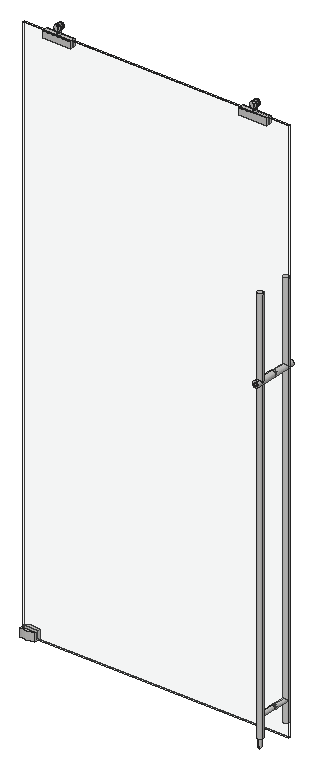
Revit family "Doors_Sliding_Avanti_Systems_Cloud-Assisted-Close-Premium-Sliding-Glass-Door_Soffit-Mount-Sgl-Glazed", category Doors, Revit 2015
Parameters (values of type "Load Family Type Catalog")
  Youtube clip = ""
  Weight Net (Kg) = "0"
  Warranty = "1 year"  # constant formula
  Uniformat II Description = "Interior Doors"
  Uniformat II Code = "C1020"
  Uniclass 2015 Name = "Sliding door and partition sets"
  Uniclass 2015 Code = "Pr_30_59_24_80"
  Uniclass 2.0 Description = "Sliding Door And Partition Sets"
  Uniclass 2.0 Code = "PR-59-23-77"
  Uniclass 1.4 Description = "Doors"
  Uniclass 1.4 Code = "JL20"
  URL = "https://www.avantisystemsusa.com"
  UNSPSC Code = "30171501"
  Type = 2
  Thickness = if(Type = 1, 1/2", if(Type = 2, 3/8", if(Type = 3, 9/16", 9/16")))  # 3/8"
  Technical description = ""
  Sound Rating = 0
  Region South America = "All"
  Region Oceania = "All"
  Region North America = "All"
  Region Middle East = "All"
  Region Europe = "All"
  Region Asia = "All"
  Region Antarctica = "All"
  Region Africa = "All"
  Rail Width [instance] = (Opening Width * 2) + 6 5/16"  # 80 5/16"
  QR code = "http://bimobject.com/avantisystems/product/avanti-cloud-assisted-close"
  Product url = "https://www.avantisystemsusa.com/glass-products/doors/sliding-doors/assisted-close/"
  Product group = "Assisted Close"
  Product family = "Sliding Doors"
  Product data url = "https://bimobject.com/avantisystems/product/avanti-cloud-assisted-close"
  Product certification = ""
  Product SKU = "avanti-cloud-assisted-close"
  Product Guid = "9d9dc9e6-079c-47eb-8ec1-d69015d0589f"
  Opening Width [instance] = 37"
  OmniClass Description = "Sliding All Glass Doors"
  OmniClass Code = "23-17 11 23 13"
  Nominal width = 0"
  Nominal height = 0"
  NBS Reference Description = "Sliding Door And Partition Sets"
  NBS Reference Code = "59-23-77"
  Model = "Cloud ™ Assisted Close Premium Sliding Glass Door"  # constant formula
  Material secondary = "Aluminium"
  Material main = "Glass"
  Masterformat 2014 Description = "Sliding Aluminum-Framed Glass Doors"
  Masterformat 2014 Code = "08 32 13"
  Manufacturer name = "Avanti Systems"
  Manufacturer country = ""
  Manufacturer = "Avanti Systems USA"  # constant formula
  Lock = "Thumb turn floor lock with a key"
  Ladder Pull Height [instance] = 18"
  LEED compatibility = "YES"
  Installation instructions = ""
  IFC Classification = "Door"
  Hardware material [instance] = Stainless Steel - Avanti- Brushed Finish
  Handle type [instance] = Handle : 60" Ladder Pull
  Glazing = "Safety Glazing SGCC"
  Glass Width [instance] = 40"
  Glass Material = Glass - Avanti -  Clear Tempered
  Glass Marker = yes
  Glass Height [instance] = 82.72123"
  Gap Thickness = if(Type = 1, (25/64" + 3/64"), if(Type = 2, (33/64" + 3/64"), if(Type = 3, (21/64" + 3/64"), (21/64" + 3/64"))))  # 9/16"
  Function = Interior
  Edition number = 1
  EAN code = ""
  Design country = "United States"
  Description = "Premium automated interior sliding glass door which can be integrated int the Solare Single Glazed, Solare Double Glazed, Elite Frree standing and a solid traditional wall."  # constant formula
  Date of publishing = ""
  Clear Anodic Finish = "AAMA 611, AA-M12c22A31, Class II, 0.01mm or thicker"
  COBIe Type Category = ""
  Brand url = "http://www.avantisystemsusa.com/"
  BIMobject main category code = "doors"
  BIMobject main category = "Doors"
  BIMobject category code = "doors-sliding"
  BIMobject category = "Sliding"
  Analytic Construction = "<None>"
Reference planes (in)
  plane 1 "Center (Front/Back)": y = 0
  plane 2: z = 0
  plane 3 "Center (Left/Right)": x = 3.24894
  plane 4: x = -15.25106
  plane 5: x = 21.74894
  plane 6 "Top": z = 84
  plane 7 "Curtain_wall_center": y = 0
  plane 8 "Curtain_wall_exterior": y = 0.1875
  plane 9 "Curtain_wall_interior": y = -0.1875
  plane 10 "Doors_exterior": y = 1.125
  plane 11 "Doors_center": y = 0.9375
  plane 12 "Doors_interior": y = 0.75
  plane 13 "Door_offset_left": x = -16.75106
  plane 14 "Door_offset_right": x = 23.24894
  plane 15 "Handle_placement_top": z = 18
  plane 16 "Handle_placement_level": x = 20.74894
  plane 17: x = -14.76823
  plane 18: z = 0.15191
  plane 19: z = 82.87314
  plane 20: x = 17.99894
  plane 21: x = -11.50106
  plane 22: z = 42
  plane 23: z = 84.69922
Forms (in)
  Extrusion 1, solid, material "Glass - Avanti -  Clear Tempered" <- "Glass Material"
    sketch origin (0, 0, 0) x (1, 0, 0) y (0, 1, 0)
      loop
        line (-16.75106, 1.125) -> (-16.75106, 0.75) -> (23.24894, 0.75) -> (23.24894, 1.125) -> (-16.75106, 1.125)
    from 0.15191 to 82.87314
  Extrusion 2, solid, material "Stainless Steel - Avanti- Brushed Finish" <- "Hardware material"
    sketch origin (0, 0, 0) x (1, 0, 0) y (0, 1, 0)
      loop
        arc (-17.01409, 0.48406) -> (-15.89116, 0.27356) -> (-14.76823, 0.48406) r 3.10046
        line (-14.76823, 0.48406) -> (-14.76823, 1.39094)
        arc (-14.76823, 1.39094) -> (-15.89116, 1.76174) -> (-17.01409, 1.39094) r 1.88576
        line (-17.01409, 1.39094) -> (-17.01409, 0.48406)
    from 0 to 1.21575
  Extrusion 3, void
    sketch origin (3.24894, 0, 0) x (0, 1, 0) y (0, 0, 1)
      loop
        line (1.125, 1.21575) -> (0.75, 1.21575) -> (0.75, 0.15191) -> (1.125, 0.15191) -> (1.125, 1.21575)
    from -20.26303 to -18.01717
Cuts and joins
  Extrusion 3 cuts Extrusion 2
Lines and regions (in)
  symbolic lines, style "0"
    curve 1: line (-17.01409, 0.47589, 0) -> (-17.01409, 1.39911, 0)
    curve 2: line (-14.76823, 0.47589, 0) -> (-14.76823, 1.39911, 0)
    curve 3: circle (-16.75106, 0.9375, 0) r 0.22256 normal (0, 0, 1)
    curve 4: circle (-16.75106, 0.9375, 0) r 0.13151 normal (0, 0, 1)
    curve 5: circle (-15.03126, 0.9375, 0) r 0.22256 normal (0, 0, 1)
    curve 6: circle (-15.03126, 0.9375, 0) r 0.13151 normal (0, 0, 1)
    curve 7: arc (-15.42624, 0.56319, 0) -> (-15.29429, 0.9375, 0) -> (-15.42624, 1.31181, 0) r 0.59687
    curve 8: arc (-16.35608, 1.31181, 0) -> (-16.48803, 0.9375, 0) -> (-16.35608, 0.56319, 0) r 0.59687
    curve 9: line (-14.76823, 1.31181, 0) -> (-17.01409, 1.31181, 0)
    curve 10: line (-14.76823, 0.56319, 0) -> (-17.01409, 0.56319, 0)
    curve 21: arc (-14.76823, 0.47589, 0) -> (-15.89116, 0.27356, 0) -> (-17.01409, 0.47589, 0) r 3.2173
    curve 35: line (-14.76823, 0.75, 0) -> (23.24894, 0.75, 0)
    curve 36: line (23.24894, 0.75, 0) -> (23.24894, 1.125, 0)
    curve 37: line (-14.76823, 1.125, 0) -> (23.24894, 1.125, 0)
    curve 38: line (3.24894, 1.125, 0.15191) -> (3.24894, 1.125, 82.87314)
    curve 39: line (3.24894, 0.75, 0.15191) -> (3.24894, 1.125, 0.15191)
    curve 40: line (3.24894, 0.75, 82.87314) -> (3.24894, 0.75, 0.15191)
    curve 53: arc (-14.76823, 1.39911, 0) -> (-15.89116, 1.60144, 0) -> (-17.01409, 1.39911, 0) r 3.2173
  symbolic lines, style "0", not visible
    curve 11: line (-11.39483, 5.63659, 0) -> (-11.39483, 4.71338, 0)
    curve 12: line (-13.64069, 5.63659, 0) -> (-13.64069, 4.71338, 0)
    curve 13: circle (-11.65786, 5.17499, 0) r 0.22256 normal (0, 0, 1)
    curve 14: circle (-11.65786, 5.17499, 0) r 0.13151 normal (0, 0, 1)
    curve 15: circle (-13.37767, 5.17499, 0) r 0.22256 normal (0, 0, 1)
    curve 16: circle (-13.37767, 5.17499, 0) r 0.13151 normal (0, 0, 1)
    curve 17: arc (-12.98268, 5.5493, 0) -> (-13.11464, 5.17499, 0) -> (-12.98268, 4.80068, 0) r 0.59687
    curve 18: arc (-12.05285, 4.80068, 0) -> (-11.92089, 5.17499, 0) -> (-12.05285, 5.5493, 0) r 0.59687
    curve 19: line (-13.64069, 4.80068, 0) -> (-11.39483, 4.80068, 0)
    curve 20: line (-13.64069, 5.5493, 0) -> (-11.39483, 5.5493, 0)
    curve 22: arc (-13.64069, 5.63659, 0) -> (-12.51776, 5.83892, 0) -> (-11.39483, 5.63659, 0) r 3.2173
    curve 54: arc (-13.64069, 4.71338, 0) -> (-12.51776, 4.51105, 0) -> (-11.39483, 4.71338, 0) r 3.2173
  symbolic lines, style "0", detail levels medium+fine
    curve 23: circle (20.74894, 3.39891, 0) r 0.39445 normal (0, 0, 1)
    curve 24: line (20.43894, 3.15501, 0) -> (20.43894, 1.125, 0)
    curve 25: line (21.06195, 3.15887, 0) -> (21.06195, 1.125, 0)
    curve 26: circle (20.74894, -1.52391, 0) r 0.39445 normal (0, 0, -1)
    curve 27: line (20.43894, -1.28001, 0) -> (20.43894, 0.75, 0)
    curve 28: line (21.06195, -1.28387, 0) -> (21.06195, 0.75, 0)
  symbolic lines, style "0", not visible, detail levels medium+fine
    curve 29: circle (20.74894, 4.89891, 0) r 0.39445 normal (0, 0, 1)
    curve 30: line (20.43894, 4.65501, 0) -> (20.43894, 2.625, 0)
    curve 31: line (21.06195, 4.65887, 0) -> (21.06195, 2.625, 0)
    curve 32: circle (20.74894, -0.14891, 0) r 0.39445 normal (0, 0, -1)
    curve 33: line (20.43894, 0.09499, 0) -> (20.43894, 2.125, 0)
    curve 34: line (21.06195, 0.09113, 0) -> (21.06195, 2.125, 0)
  model lines, not visible
    curve 41: line (-16.88257, 0.9375, 0) -> (-16.61954, 0.9375, 0)
    curve 42: line (-11.52635, 5.17499, 0) -> (-11.78938, 5.17499, 0)
    curve 47: line (3.24894, 0.25002, 40.15204) -> (3.24894, 0.25002, 43.84796)
    curve 52: line (0.00262, 0.25002, 20.81572) -> (0.00262, 0.25002, 24.51163)
  symbolic lines, visible <- "Glass Marker"
    curve 43: line (0.42051, -0.24998, 39.17157) -> (6.07737, -0.24998, 44.82843)
    curve 44: line (3.24894, -0.24998, 40.15204) -> (5.0969, -0.24998, 42)
    curve 45: line (1.40098, -0.24998, 42) -> (3.24894, -0.24998, 43.84796)
  symbolic lines, not visible
    curve 46: line (1.40098, 0.25002, 42) -> (5.0969, 0.25002, 42)
    curve 51: line (-1.84534, 0.25002, 22.66367) -> (1.85057, 0.25002, 22.66367)
  symbolic lines, visible <- "Glass Marker", not visible
    curve 48: line (-2.82581, -0.24998, 19.83525) -> (2.83104, -0.24998, 25.4921)
    curve 49: line (0.00262, -0.24998, 20.81572) -> (1.85057, -0.24998, 22.66367)
    curve 50: line (-1.84534, -0.24998, 22.66367) -> (0.00262, -0.24998, 24.51163)
Text (in)
  text "Exterior" at (-45.72835, 31.38743, 0), in view "Ref. Level"
Dimensions and locks (in)
  equal spacing: plane 4, plane 3 "Center (Left/Right)", plane 5  (x2)
  equal spacing: plane 8 "Curtain_wall_exterior", plane 7 "Curtain_wall_center", plane 9 "Curtain_wall_interior"
  equal spacing: plane 10 "Doors_exterior", plane 11 "Doors_center", plane 12 "Doors_interior"
  "Gap Thickness": plane 12 "Doors_interior" to plane 8 "Curtain_wall_exterior"
  locked: plane 5 to plane 14 "Door_offset_right" at 1.5
  locked: plane 13 "Door_offset_left" to plane 4 at 1.5
  "Thickness": plane 10 "Doors_exterior" to plane 12 "Doors_interior"
  "Thickness": plane 8 "Curtain_wall_exterior" to plane 9 "Curtain_wall_interior"
  "Ladder Pull Height": plane 2 to plane 15 "Handle_placement_top"
  locked: plane 16 "Handle_placement_level" to plane 14 "Door_offset_right" at 2.5
  equal spacing: plane 13 "Door_offset_left", plane 3 "Center (Left/Right)", plane 14 "Door_offset_right"
  "Opening Width": plane 4 to plane 5
  locked: plane 4 to plane 17 at 0.48283
  locked: plane 16 "Handle_placement_level" to curve 25 at 0.31301
  locked: plane 16 "Handle_placement_level" to curve 28 at 0.31301
  Extrusion 1 to Extrusion 1 = 3/8"
  plane 10 "Doors_exterior" to plane 12 "Doors_interior" = 3/8"
  locked: plane 19 to plane 6 "Top" at 1.12686
  locked: plane 20 to plane 14 "Door_offset_right" at 5.25
  locked: plane 13 "Door_offset_left" to plane 21 at 5.25
  equal spacing: plane 2, plane 22, plane 6 "Top"
  locked: plane 22 to nested 4 at 7
  locked: plane 2 to plane 18 at 0.15191
  "Glass Height": plane 18 to plane 19
  "Glass Width": plane 13 "Door_offset_left" to plane 14 "Door_offset_right"
  locked: plane 6 "Top" to plane 23 at 0.69922
  aligned and locked: level to plane 2
  aligned and locked: Extrusion 1 sketch curve to plane 10 "Doors_exterior"
  aligned and locked: Extrusion 1 sketch curve to plane 13 "Door_offset_left"
  aligned and locked: plane 12 "Doors_interior" to Extrusion 1 sketch curve
  aligned and locked: plane 14 "Door_offset_right" to Extrusion 1 sketch curve
  aligned and locked: curve 2 to plane 17
  aligned and locked: plane 10 "Doors_exterior" to curve 25
  aligned and locked: plane 10 "Doors_exterior" to curve 24
  aligned and locked: plane 12 "Doors_interior" to curve 28
  aligned and locked: plane 12 "Doors_interior" to curve 27
  aligned and locked: plane 10 "Doors_exterior" to Extrusion 3 sketch curve
  aligned and locked: Extrusion 3 sketch curve to plane 12 "Doors_interior"
  aligned and locked: Extrusion 2 to Extrusion 3 sketch curve
  aligned and locked: curve 38 to Extrusion 1
  aligned and locked: curve 40 to cut or joined group of Extrusion 2, Extrusion 3
  aligned and locked: cut or joined group of Extrusion 2, Extrusion 3 to plane 2
  aligned and locked: Extrusion 1 to plane 19
  aligned and locked: plane 19 to curve 38
  aligned and locked: plane 19 to curve 40
  aligned and locked: nested 1 to plane 11 "Doors_center"
  aligned and locked: nested 2 to plane 11 "Doors_center"
  aligned and locked: nested 2 to plane 20
  aligned and locked: nested 1 to plane 21
  aligned and locked: curve 41 to plane 11 "Doors_center"
  aligned and locked: Extrusion 1 to cut or joined group of Extrusion 2, Extrusion 3
  aligned and locked: plane 22 to curve 46
  aligned and locked: plane 3 "Center (Left/Right)" to curve 47
  aligned and locked: plane 3 "Center (Left/Right)" to nested 3
  aligned and locked: plane 3 "Center (Left/Right)" to nested 4
  aligned and locked: plane 18 to Extrusion 1
  aligned and locked: nested 2 to plane 19
  aligned and locked: nested 1 to plane 19
  aligned and locked: plane 16 "Handle_placement_level" to nested 5
  aligned and locked: plane 2 to nested 5
  aligned and locked: plane 10 "Doors_exterior" to nested 5
Automatic sketch dimensions
  curve 35 to plane 12 "Doors_interior" = 0"
  curve 35 to plane 17 = 0"
  curve 37 to plane 10 "Doors_exterior" = 0"
  curve 37 to plane 17 = 0"
  Extrusion 2 sketch curve to plane 17 = 0"
  plane 4 to Extrusion 2 sketch curve = 0.6401"  (x2)
  plane 1 "Center (Front/Back)" to Extrusion 2 sketch curve = 0.12403"
  plane 13 "Door_offset_left" to Extrusion 2 sketch curve = 0.26303"
  Extrusion 2 sketch curve to plane 12 "Doors_interior" = 0.26594"
  plane 10 "Doors_exterior" to Extrusion 2 sketch curve = 0.26594"
  plane 10 "Doors_exterior" to Extrusion 2 sketch curve = 2.24903"
  curve 36 to plane 14 "Door_offset_right" = 0"
  curve 40 to plane 18 = 0"
  curve 3 to curve 4 = 0"  (x2)
  curve 5 to curve 6 = 0"  (x2)
  curve 7 to curve 8 = 0"  (x2)
  curve 9 to curve 5 = 0.26303"
  curve 5 to curve 8 = 0.8599"
  curve 53 to curve 21 = 1.12293"
  curve 2 to curve 53 = 1.12293"
  curve 7 to curve 4 = 0.8599"
  curve 3 to curve 1 = 0.26303"
  curve 21 to curve 2 = 2.09175"
  curve 1 to curve 4 = 0.46161"
  curve 3 to curve 7 = 0"
  curve 53 to curve 6 = 0.46161"
  curve 3 to curve 1 = 0.46161"
  curve 21 to curve 53 = 2.09175"
  curve 5 to curve 7 = 0.39498"  (x2)
  curve 8 to curve 3 = 0.39498"
  curve 41 to curve 3 = 0.13151"
  curve 53 to curve 9 = 0.0873"
  curve 3 to curve 41 = 0"
  Extrusion 3 sketch curve to plane 18 = 0"
  curve 13 to curve 14 = 0"  (x2)
  curve 15 to curve 16 = 0"  (x2)
  curve 17 to curve 18 = 0"  (x2)
  curve 19 to curve 15 = 0.26303"
  curve 15 to curve 18 = 0.8599"
  curve 54 to curve 22 = 1.12293"
  curve 12 to curve 54 = 1.12293"
  curve 17 to curve 14 = 0.8599"
  curve 13 to curve 11 = 0.26303"
  curve 22 to curve 12 = 2.09175"
  curve 11 to curve 14 = 0.46161"
  curve 13 to curve 17 = 0"
  curve 54 to curve 16 = 0.46161"
  curve 13 to curve 11 = 0.46161"
  curve 22 to curve 54 = 2.09175"
  curve 15 to curve 17 = 0.39498"  (x2)
  curve 18 to curve 13 = 0.39498"
  curve 42 to curve 13 = 0.13151"
  curve 54 to curve 19 = 0.0873"
  curve 13 to curve 42 = 0"
  radius of curve 3 = 0.22256"
  radius of curve 5 = 0.22256"
  radius of curve 6 = 0.13151"
  radius of curve 13 = 0.22256"
  radius of curve 15 = 0.22256"
  radius of curve 16 = 0.13151"
Nested families (in)
  nested 1: "Sidelite Transom Fitting" at (-11.50106, 0.9375, 81.87246), type "Sidelite Transom Fitting"
    with Thickness 3/8", Side Width 0.22461"
  nested 2: "Sidelite Transom Fitting" at (17.99894, 0.9375, 81.87246), type "Sidelite Transom Fitting"
    with Thickness 3/8", Side Width 0.22461"
  nested 3: "Arrow" at (3.24894, 2.89063, 0), type "arrow"
  nested 4: "Arrow" at (3.24894, 0, 49) x (1, 0, 0) z (0, -1, 0), type "arrow"
  nested 5: "Handle" at (22.37394, 2.5, 38) x (-1, 0, 0) z (0, 1, 0), type <- "Handle type", type "60" Ladder Pull", detail levels medium+fine
    with Locker yes, Thickness 3/8"
Definition of nested family "Sidelite Transom Fitting"
  Parameters (values of type "Sidelite Transom Fitting")
    Thickness = 1/2"
    Side Width = (211/256" - Thickness) / 2  # 0.16211"
    Material = none
  Reference planes (in)
    plane 1 "Center (Front/Back)": y = 0
    plane 2: z = 0
    plane 3 "Center (Left/Right)": x = 0
  Forms (in)
    Revolve 1, solid, material <- "Material"
      sketch origin (0, 0, 2.82565) x (0, 1, 0) y (0, 0, 1)
        loop
          line (-0.45453, -0.75278) -> (-0.2116, -0.75278) -> (-0.2116, -0.40613) -> (-0.29006, -0.32767) -> (-0.34034, -0.32767) -> (-0.45453, -0.37648) -> (-0.45453, -0.75278)
        axis (-0.45453, -0.75278) -> (-0.2116, -0.75278)
      angle from 0 to 360
    Revolve 2, solid, material <- "Material"
      sketch origin (0, 0, 2.82565) x (0, -1, 0) y (0, 0, -1)
        loop
          line (-0.45453, 0.75278) -> (-0.45453, 0.37648) -> (-0.34034, 0.32767) -> (-0.29006, 0.32767) -> (-0.2116, 0.40613) -> (-0.2116, 0.75278) -> (-0.45453, 0.75278)
        axis (-0.45453, 0.75278) -> (-0.2116, 0.75278)
      angle from 0 to 360
    Revolve 3, solid, material <- "Material"
      sketch origin (0, 0, 2.82565) x (0, 1, 0) y (0, 0, 1)
        loop
          line (0, -0.26792) -> (0, -1.78574) -> (0.26651, -1.78574) -> (0.26651, -1.632) -> (0.15099, -1.632) -> (0.15099, -1.34693) -> (0.19488, -1.34693) -> (0.19488, -0.61026) -> (0.29006, -0.61026) -> (0.29006, -0.5191) -> (0.16124, -0.5191) -> (0.16124, -0.27074) -> (0, -0.26792)
        axis (0, -0.26792) -> (0, -1.78574)
      angle from 0 to 360
    Extrusion 4, solid, material <- "Material"
      sketch origin (0, 0, 2.82565) x (0, 1, 0) y (0, 0, 1)
        loop
          line (-0.33427, -1.82608) -> (-0.41211, -1.82608) -> (-0.41211, -2.82565) -> (-0.25, -2.82565) -> (-0.25, -1.82497) -> (0.25, -1.82497) -> (0.25, -2.82565) -> (0.41211, -2.82565) -> (0.41211, -1.82497) -> (0.3052, -1.82497) -> (0.3052, -1.78574) -> (-0.33427, -1.78574) -> (-0.33427, -1.82608)
      from -2.0625 to 2.0625
  Dimensions and locks (in)
    "Side Width": Extrusion 4 to Extrusion 4  (x2)
    locked: Extrusion 4 to plane 1 "Center (Front/Back)" at 0.41211
    aligned and locked: level to plane 2
  Automatic sketch dimensions
    plane 1 "Center (Front/Back)" to Revolve 1 sketch curve = 0.45453"
    Revolve 1 sketch curve to Revolve 1 sketch curve = 0.1142"
    Revolve 1 sketch curve to Revolve 1 sketch curve = 0.05027"
    Revolve 1 sketch curve to Revolve 1 sketch curve = 0.07847"
    level to Revolve 1 sketch curve = 2.07286"
    Revolve 1 sketch curve to Revolve 1 sketch curve = 0.34665"
    Revolve 1 sketch curve to Revolve 1 sketch curve = 0.02966"
    Revolve 1 sketch curve to Revolve 1 sketch curve = 0.04881"
    Revolve 1 sketch curve to Revolve 1 sketch curve = 0"  (x3)
    Revolve 2 sketch curve to plane 1 "Center (Front/Back)" = 0.45453"
    Revolve 2 sketch curve to Revolve 2 sketch curve = 0.1142"
    Revolve 2 sketch curve to Revolve 2 sketch curve = 0.05027"
    Revolve 2 sketch curve to Revolve 2 sketch curve = 0.07847"  (x2)
    level to Revolve 2 sketch curve = 2.49798"
    Revolve 2 sketch curve to Revolve 2 sketch curve = 0.04881"
    Revolve 2 sketch curve to Revolve 2 sketch curve = 0.34665"
    Revolve 2 sketch curve to Revolve 2 sketch curve = 0"  (x3)
    Revolve 3 sketch curve to plane 1 "Center (Front/Back)" = 0"  (x2)
    Revolve 3 sketch curve to plane 1 "Center (Front/Back)" = 0.15099"
    Revolve 3 sketch curve to plane 1 "Center (Front/Back)" = 0.16124"
    Revolve 3 sketch curve to Revolve 3 sketch curve = 0.04389"
    Revolve 3 sketch curve to Revolve 3 sketch curve = 0.11551"
    Revolve 3 sketch curve to Revolve 3 sketch curve = 0.09519"
    level to Revolve 3 sketch curve = 1.03991"
    Revolve 3 sketch curve to Revolve 3 sketch curve = 0.15374"
    Revolve 3 sketch curve to Revolve 3 sketch curve = 0.28507"
    Revolve 3 sketch curve to Revolve 3 sketch curve = 0.73667"
    Revolve 3 sketch curve to Revolve 3 sketch curve = 0.09116"
    Revolve 3 sketch curve to Revolve 3 sketch curve = 0.24836"
    Revolve 3 sketch curve to Revolve 3 sketch curve = 0.00282"
    Revolve 3 sketch curve to level = 75.91451"
    Revolve 3 sketch curve to Revolve 3 sketch curve = 79.00808"
    Extrusion 4 sketch curve to level = 0"  (x2)
    plane 1 "Center (Front/Back)" to Extrusion 4 sketch curve = 0.41211"
    Extrusion 4 sketch curve to Extrusion 4 sketch curve = 0.07784"
    Extrusion 4 sketch curve to Extrusion 4 sketch curve = 0.16211"  (x2)
    Extrusion 4 sketch curve to plane 1 "Center (Front/Back)" = 1/4"
    Extrusion 4 sketch curve to Extrusion 4 sketch curve = 0.0552"
    level to Extrusion 4 sketch curve = 0.99957"
    Extrusion 4 sketch curve to Extrusion 4 sketch curve = 0.00111"
    Extrusion 4 sketch curve to Extrusion 4 sketch curve = 0"
    Extrusion 4 sketch curve to Extrusion 4 sketch curve = 0.04034"
Definition of nested family "Handle"
  Parameters (values of type "48" Ladder Pull")
    Width = 54.28299"
    Type = 3
    Ladder Pool Height = 18"
    Ladder 60" = if(Type = 5, 1 = 1, 1 = 0)  # no
    Ladder = if(Type = 3, 1 = 1, 1 = 0)  # yes
    Thickness = 1/2"
    Panic hardware = if(Type = 4, 1 = 1, 1 = 0)  # no
    Material = none
    Locker [instance] = yes
    Height = 90 9/16"
    Glass door = if(Type = 2, 1 = 1, 1 = 0)  # no
    Framed door = if(Type = 1, 1 = 1, 1 = 0)  # no
    Default Elevation = 48"
  Types (2): name | Type | Ladder 60" | Ladder
    60" Ladder Pull | 5 | yes | no
    48" Ladder Pull | 3 | no | yes
  Reference planes (in)
    plane 1 "Center (Front/Back)": y = 0
    plane 2: z = 0
    plane 3 "Center (Left/Right)": x = 0
    plane 4 "door_up": z = -1.375
    plane 5 "door_down": z = -1.875
    plane 6: z = -3.25
    plane 7: x = -1.25
    plane 8: x = -43.31449
    plane 9: x = -46.03299
    plane 10: x = -43.31449
    plane 11: y = 51.9375
    plane 12: y = 0.625
    plane 13: y = 11.125
    plane 14: y = 52.5625
    plane 15: y = -38
    plane 16: x = -50.15799
    plane 17 "door": x = 4.125
    plane 18: x = 1.625
    plane 19: y = -20
  Forms (in)
    Sweep 1, solid, material <- "Material", visible <- "Panic hardware"
      path origin (0, 0, 0) x (1, 0, 0) y (0, 1, 0)
        loop
          line (-1.25, 51.9375) -> (-1.25, 4.25)
          arc (-1.25, 4.25) -> (-2.12868, 2.12868) -> (-4.25, 1.25) r 3
          line (-4.25, 1.25) -> (-43.31449, 1.25)
      profile origin (-1.25, 28.09375, 0) x (1, 0, 0) y (0, 0, 1)
        loop
          circle (0.625, 0.625) r 0.625
    Sweep 2, solid, material <- "Material", visible <- "Panic hardware"
      path origin (0, 0, 0) x (1, 0, 0) y (0, 0, 1)
        loop
          line (-43.31449, 0) -> (-44.06449, 0)
          arc (-44.06449, 0) -> (-44.57255, -0.21044) -> (-44.78299, -0.7185) r 0.7185
          line (-44.78299, -0.7185) -> (-44.78299, -1.375)
      profile origin (-43.68949, 0, 0) x (0, 0, -1) y (0, -1, 0)
        loop
          circle (-0.625, -0.625) r 0.625
    Sweep 3, solid, material <- "Material", visible <- "Panic hardware"
      path origin (0, 0, -6.75) x (1, 0, 0) y (0, 0, -1)
        loop
          line (-43.31449, -3.5) -> (-44.06449, -3.5)
          arc (-44.06449, -3.5) -> (-44.57255, -3.71044) -> (-44.78299, -4.2185) r 0.7185
          line (-44.78299, -4.2185) -> (-44.78299, -4.875)
      profile origin (-43.68949, 0, -3.25) x (0, 0, -1) y (0, -1, 0)
        loop
          circle (0.625, -0.625) r 0.625
    Sweep 4, solid, material <- "Material", visible <- "Panic hardware"
      path origin (-30, 0, -6.75) x (-1, 0, 0) y (0, 0, -1)
        loop
          line (13.31449, -3.5) -> (-28.0315, -3.5)
          arc (-28.0315, -3.5) -> (-28.53956, -3.71044) -> (-28.75, -4.2185) r 0.7185
          line (-28.75, -4.2185) -> (-28.75, -4.875)
      profile origin (-22.6415, 0, -3.25) x (0, 0, 1) y (0, -1, 0)
        loop
          circle (-0.625, -0.625) r 0.625
  Cuts and joins
    joined: Sweep 1, Sweep 2
    joined: Sweep 3, Sweep 4
  Dimensions and locks (in)
    "Thickness": plane 5 "door_down" to plane 4 "door_up"
    locked: plane 3 "Center (Left/Right)" to plane 7 at 1.25
    locked: plane 9 to plane 8 at 2.7185
    locked: plane 9 to Sweep 3 sketch curve at 1.25
    locked: Sweep 2 sketch curve to plane 9 at 1.25
    locked: plane 10 to plane 9 at 2.7185
    locked: Sweep 1 sketch curve to plane 1 "Center (Front/Back)" at 1.25
    locked: plane 3 "Center (Left/Right)" to nested 1 at 0.125
    locked: plane 4 "door_up" to plane 2 at 1.375
    locked: plane 6 to plane 5 "door_down" at 1.375
    locked: plane 12 to plane 1 "Center (Front/Back)" at 0.625
    locked: plane 13 to plane 12 at 10.5
    locked: plane 14 to plane 11 at 0.625
    "Height": plane 14 to plane 15
    locked: plane 1 "Center (Front/Back)" to plane 15 at 38
    locked: plane 3 "Center (Left/Right)" to plane 17 "door" at 4.125
    "Width": plane 16 to plane 17 "door"
    locked: plane 16 to plane 10 at 6.8435
    locked: plane 18 to plane 17 "door" at 2.5
    "Ladder Pool Height": plane 19 to plane 15
    aligned and locked: level to plane 2
    aligned and locked: plane 4 "door_up" to cut or joined group of Sweep 1, Sweep 2
    aligned and locked: Sweep 2 sketch curve to plane 4 "door_up"
    aligned and locked: Sweep 3 sketch curve to plane 5 "door_down"
    aligned and locked: plane 6 to Sweep 3 sketch curve
    aligned and locked: plane 7 to Sweep 4 sketch curve
    aligned and locked: Sweep 4 sketch curve to plane 6
    aligned and locked: plane 8 to Sweep 4 sketch curve
    aligned and locked: plane 8 to Sweep 3 sketch curve
    aligned and locked: plane 10 to Sweep 2 sketch curve
    aligned and locked: plane 10 to Sweep 1 sketch curve
    aligned and locked: plane 11 to Sweep 1 sketch curve
    aligned and locked: plane 5 "door_down" to Sweep 4 sketch curve
    aligned and locked: nested 1 to plane 4 "door_up"
    aligned and locked: plane 13 to nested 1
    aligned and locked: nested 2 to plane 4 "door_up"
    aligned and locked: plane 3 "Center (Left/Right)" to nested 2
    aligned and locked: nested 2 to plane 11
    aligned and locked: nested 2 to plane 14
    aligned and locked: plane 18 to nested 3
    aligned and locked: plane 1 "Center (Front/Back)" to nested 3
    aligned and locked: nested 4 to plane 18
    aligned and locked: nested 4 to plane 1 "Center (Front/Back)"
    aligned and locked: nested 5 to plane 4 "door_up"
    aligned and locked: nested 5 to plane 17 "door"
    aligned and locked: nested 5 to plane 1 "Center (Front/Back)"
    aligned and locked: nested 6 to plane 4 "door_up"
    aligned and locked: plane 5 "door_down" to nested 7
    aligned and locked: nested 7 to plane 19
    aligned and locked: plane 19 to nested 6
    aligned and locked: nested 6 to plane 18
    aligned and locked: nested 7 to plane 18
    aligned and locked: plane 4 "door_up" to nested 8
    aligned and locked: plane 15 to nested 8
    aligned and locked: plane 5 "door_down" to nested 9
    aligned and locked: nested 9 to plane 15
    aligned and locked: plane 18 to nested 8
    aligned and locked: plane 18 to nested 9
  Nested families (in)
    nested 1: "Family2" at (-1.125, 11.125, 0.22234), visible <- "Panic hardware", type "Family2"
      with Lock yes
    nested 2: "Family3" at (-0.26102, 51.9375, -1.63602), visible <- "Panic hardware", type "Family3"
      with Thickness 1/2"
    nested 3: "Handle Timber" at (1.625, 0, -1.875), Locker <- "Locker", visible <- "Framed door", type "Handle Timber"
      with Locker yes
    nested 4: "Handle Timber" at (1.625, 0, -1.375) x (1, 0, 0) z (0, 0, -1), Locker <- "Locker", visible <- "Framed door", type "Handle Timber"
      with Locker yes
    nested 5: "Hinged Framed Swing locker" at (3.22214, -1.5625, -5.625), Handle and assembly material <- "Material", visible <- "Glass door", type "Hinged Framed Swing locker"
      with Handle and assembly material none
    nested 6: "Handle_For-Glass_Rounded_600mm" at (1.625, 13.36577, -1.375) x (-1, 0, 0) z (0, 0, -1), Handle Material <- "Material", visible <- "Ladder", type "Handle_For-Glass_Rounded_600mm"
      with Handle Material none, Handle Height 48"
    nested 7: "Handle_For-Glass_Rounded_600mm" at (1.625, -5.36577, -1.875) x (-1, 0, 0) z (0, 0, 1), Handle Material <- "Material", visible <- "Ladder", type "Handle_For-Glass_Rounded_600mm"
      with Handle Material none, Handle Height 48"
    nested 8: "Handle_For-Glass_Rounded_60in" at (1.625, 2.47039, -1.375), visible <- "Ladder 60"", Handle Material <- "Material", type "60""
      with No locker yes, Locker no, Handle Material none, Handle Height 60"
    nested 9: "Handle_For-Glass_Rounded_60in2" at (1.625, 2.47039, -1.875), visible <- "Ladder 60"", Handle Material <- "Material", type "60""
      with No locker no, Locker yes, Handle Material none, Handle Height 60"
  Definition of nested family "Family2"
    Parameters (values of type "Family2")
      Thickness = 1/2"
      Material = none
      Lock = no
    Reference planes (in)
      plane 1 "Center (Front/Back)": y = 0
      plane 2: z = 0
      plane 3 "Center (Left/Right)": x = 0
      plane 4: z = -2.09734
      plane 5: z = -1.59734
    Forms (in)
      Extrusion 1, solid, material <- "Material"
        sketch origin (0, 0, 0) x (0, 1, 0) y (0, 0, 1)
          loop
            line (5.04078, -0.345) -> (5.04078, 0) -> (-2.39922, 0) -> (-2.39922, -0.345) -> (5.04078, -0.345)
        from 0 to 1
      Extrusion 2, solid, material <- "Material"
        sketch origin (0, 0, 0) x (0, 1, 0) y (0, 0, 1)
          loop
            line (-0.3074, -0.345) -> (-1.4374, -0.345) -> (-1.4374, -1.31734) -> (-0.3074, -1.31734) -> (-0.3074, -0.345)
        from 0.32565 to 0.66353
      Extrusion 3, solid, material <- "Material"
        sketch origin (0, 0, 0) x (0, 1, 0) y (0, 0, 1)
          loop
            line (-1.4374, -1.31734) -> (-1.4374, -1.59734) -> (1.43807, -1.59734) -> (1.43807, -1.31734) -> (-1.4374, -1.31734)
          loop
            line (1.45803, -2.09734) -> (-1.41697, -2.09734) -> (-1.41697, -3.82961)
            arc (-1.41697, -3.82961) -> (-1.36191, -3.96254) -> (-1.22897, -4.01761) r 0.188
            line (-1.22897, -4.01761) -> (1.27003, -4.01761)
            arc (1.27003, -4.01761) -> (1.40297, -3.96254) -> (1.45803, -3.82961) r 0.188
            line (1.45803, -3.82961) -> (1.45803, -2.09734)
        from 0 to 1
      Extrusion 4, solid, material <- "Material"
        sketch origin (0, 0, 0) x (0, 1, 0) y (0, 0, 1)
          loop
            arc (-3.2641, -0.65221) -> (-3.242, -0.64306) -> (-3.23285, -0.62096) r 0.03125
            line (-3.23285, -0.62096) -> (-3.23285, 0) -> (-3.4516, 0) -> (-3.4516, -0.62096)
            arc (-3.4516, -0.62096) -> (-3.44244, -0.64306) -> (-3.42035, -0.65221) r 0.03125
            line (-3.42035, -0.65221) -> (-3.2641, -0.65221)
        from 0.32565 to 0.66353
      Extrusion 5, solid, material <- "Material", visible <- "Lock"
        sketch origin (1, 0, 0) x (0, 1, 0) y (0, 0, 1)
          loop
            circle (0.20853, -3.12734) r 0.58
          loop
            circle (0.20853, -3.12734) r 0.5625
          loop
            circle (-0.07272, -3.12734) r 0.22671
        from 0 to 0.25
      Extrusion 6, solid, material <- "Material", visible <- "Lock"
        sketch origin (1, 0, 0) x (0, 1, 0) y (0, 0, 1)
          loop
            circle (0.20853, -3.12734) r 0.5625
        from 0 to 0.20472
      Extrusion 7, solid, material <- "Material", visible <- "Lock", not visible
        sketch origin (1, 0, 0) x (0, 1, 0) y (0, 0, 1)
          loop
            circle (0.20853, -3.12734) r 0.58
          loop
            circle (0.20853, -3.12734) r 0.5625
          loop
            circle (-0.07272, -3.12734) r 0.22671
        from 0 to 0.25
      Extrusion 8, solid, material <- "Material", visible <- "Lock", not visible
        sketch origin (1, 0, 0) x (0, 1, 0) y (0, 0, 1)
          loop
            circle (0.20853, -3.12734) r 0.5625
        from 0 to 0.20472
    Lines and regions (in)
      model lines, not visible
        curve 1: line (0, -0.35397, -3.12734) -> (0, 0.39603, -3.12734)
        curve 2: line (0, -0.35397, -3.12734) -> (0, 0.39603, -3.12734)
    Dimensions and locks (in)
      "Thickness": plane 4 to plane 5
      locked: plane 5 to plane 2 at 1.59734
      aligned and locked: level to plane 2
      aligned and locked: plane 5 to Extrusion 3 sketch curve
      aligned and locked: Extrusion 3 sketch curve to Extrusion 2
      aligned and locked: Extrusion 3 sketch curve to plane 4
  Definition of nested family "Family3"
    Parameters (values of type "Family3")
      Thickness = 0.50125"
      Material = none
    Reference planes (in)
      plane 1 "Center (Front/Back)": y = 0
      plane 2: z = 0
      plane 3 "Center (Left/Right)": x = 0
      plane 4: z = 0.26102
      plane 5: z = -0.24023
    Forms (in)
      Extrusion 1, solid, material <- "Material"
        sketch origin (-0.98898, 0.625, 0.26102) x (0, 0, -1) y (0, 1, 0)
          loop
            line (-0.28125, 0.125) -> (-0.28125, -2.375) -> (0, -2.375) -> (0, 0) -> (0.50125, 0) -> (0.50125, -2.37518) -> (0.78125, -2.37518) -> (0.78125, 0.125) -> (-0.28125, 0.125)
        from 0 to 1.25
      Revolve 2, solid, material <- "Material"
        sketch origin (-0.36398, 0.615, 0.26102) x (0, 0, -1) y (0, 1, 0)
          loop
            line (-0.28125, -0.615) -> (-1.5092, -0.615) -> (-1.5092, -0.995) -> (-0.28125, -0.995) -> (-0.28125, -0.615)
          axis (-1.5092, -0.995) -> (-0.28125, -0.995)
        angle from 0 to 360
    Dimensions and locks (in)
      "Thickness": plane 4 to plane 5
      locked: Extrusion 1 to plane 4 at 0.28125
      locked: plane 5 to Extrusion 1 at 0.28
      aligned and locked: level to plane 2
      aligned and locked: Extrusion 1 to plane 4
      aligned and locked: plane 5 to Extrusion 1
  Definition of nested family "Handle Timber"
    Parameters (values of type "Handle Timber")
      Locker [instance] = yes
      Handle material = none
      Default Elevation = 48"
    Reference planes (in)
      plane 1 "Center (Front/Back)": y = 0
      plane 2: z = 0
      plane 3 "Center (Left/Right)": x = 0
    Forms (in)
      Extrusion 1, solid, material <- "Handle material"
        sketch origin (0, 0.00944, 0.00975) x (-1, 0, 0) y (0, -1, 0.00026)
          loop
            line (0.82036, -6.01526) -> (0.82036, -4.11121)
            arc (0.82036, -4.11121) -> (0, -3.29085) -> (-0.82036, -4.11121) r 0.82036
            line (-0.82036, -4.11121) -> (-0.82036, -6.01526)
            arc (-0.82036, -6.01526) -> (0, -6.83563) -> (0.82036, -6.01526) r 0.82036
          loop
            line (0.82036, -0.95129) -> (0.82036, 0.95276)
            arc (0.82036, 0.95276) -> (0, 1.77313) -> (-0.82036, 0.95276) r 0.82036
            line (-0.82036, 0.95276) -> (-0.82036, -0.95129)
            arc (-0.82036, -0.95129) -> (0, -1.77165) -> (0.82036, -0.95129) r 0.82036
        from -0.36 to -0.00798
      Sweep 2, solid, material <- "Handle material"
        path origin (0, 0.00944, 0.00975) x (-1, 0, 0) y (0, 0.00026, 1)
          loop
            line (0.00372, -0.36) -> (0.00372, -2.13165)
            arc (0.00372, -2.13165) -> (0.19244, -2.58727) -> (0.64805, -2.77599) r 0.64433
            line (0.64805, -2.77599) -> (4.19136, -2.77599)
            arc (4.19136, -2.77599) -> (4.78191, -2.53137) -> (5.02652, -1.94082) r 0.83517
            line (5.02652, -1.94082) -> (5.02652, -0.63757)
        profile origin (-0.00372, 0.00911, -1.23607) x (-1, 0, 0) y (0, 1, -0.00026)
          loop
            circle (0, 0) r 0.3937
      Extrusion 3, solid, material <- "Handle material", visible <- "Locker"
        sketch origin (0, 0.00944, 0.00975) x (-1, 0, 0) y (0, -1, 0.00026)
          loop
            line (0.82009, 4.11958) -> (0.82408, 6.02363)
            arc (0.82408, 6.02363) -> (0.00543, 6.84571) -> (-0.81665, 6.02706) r 0.82036
            line (-0.81665, 6.02706) -> (-0.82063, 4.12301)
            arc (-0.82063, 4.12301) -> (-0.00199, 3.30093) -> (0.82009, 4.11958) r 0.82036
        from -0.36 to -0.01061
    Lines and regions (in)
      reference lines
        curve 1: line (0, 6.84506, 0) -> (0, -6.83627, 0)
        curve 2: line (-5.42022, 0.00893, 0) -> (0.82036, 0.00893, 0)
    Dimensions and locks (in)
      aligned and locked: level to plane 2
  Definition of nested family "Hinged Framed Swing locker"
    Parameters (values of type "Hinged Framed Swing locker")
      Thickness = 1/2"
      Lock = yes
      Handle and assembly material [instance] = none
    Reference planes (in)
      plane 1 "Center (Front/Back)": y = 0
      plane 2: z = 0
      plane 3 "Center (Left/Right)": x = 0
      plane 4: y = 0.59375
      plane 5: y = -0.59375
      plane 6: x = -1
      plane 7: x = 1
      plane 8: y = 0.25
      plane 9: y = -0.25
      plane 10: x = 1.5
      plane 11: z = 8
      plane 12: z = 4.6875
      plane 13: z = 3.6875
      plane 14: z = 3.125
      plane 15: x = 1.38539
      plane 16: z = 2.79297
      plane 17: y = 0.25
      plane 18: y = -0.25
      plane 19: x = 0.90286
      plane 20: z = 6.0625
      plane 21: y = -0.84375
      plane 22: y = -0.80275
      plane 23 "handle_center": z = 2.4375
      plane 24: x = -4.375
      plane 25: y = -1.23355
      plane 26: z = 2.69544
      plane 27: z = 2.17956
      plane 28: y = -2.05222
      plane 29: y = -2.71875
      plane 30: z = 2.69544
      plane 31: z = 2.17956
      plane 32: z = 4.25
      plane 33: z = 3.75
      plane 34: z = 4
    Forms (in)
      Extrusion 1, solid, material <- "Handle and assembly material"
        sketch origin (0, -4, 4) x (1, 0, 0) y (0, 0, -1)
          loop
            line (-1, 0.59375) -> (-1, 0.25) -> (0.90286, 0.25) -> (0.90286, -0.25) -> (-1, -0.25) -> (-1, -0.59375) -> (1, -0.59375) -> (1, 0.59375) -> (-1, 0.59375)
        from 0 to 8
      Extrusion 2, solid, material <- "Handle and assembly material", detail levels fine
        sketch origin (0, -4, 4) x (1, 0, 0) y (0, 0, -1)
          loop
            line (1, 0.25) -> (1, -0.25)
            arc (1, -0.25) -> (1.27121, -0.02121) -> (1.5, 0.25) r 2.09856
            line (1.5, 0.25) -> (1, 0.25)
        from 3.6875 to 4.6875
      Extrusion 3, solid, material <- "Handle and assembly material", detail levels fine
        sketch origin (0, -4, 4) x (1, 0, 0) y (0, 0, -1)
          loop
            line (1, 0.25) -> (1, -0.25)
            arc (1, -0.25) -> (1.0598, -0.20427) -> (1.0921, -0.13627) r 0.16012
            arc (1.0921, -0.13627) -> (1.11202, -0.10046) -> (1.14874, -0.08227) r 0.06897
            line (1.14874, -0.08227) -> (1.30312, -0.08227)
            arc (1.30312, -0.08227) -> (1.36129, -0.05818) -> (1.38539, 0) r 0.08227
            arc (1.38539, 0) -> (1.36129, 0.05818) -> (1.30312, 0.08227) r 0.08227
            line (1.30312, 0.08227) -> (1.14874, 0.08227)
            arc (1.14874, 0.08227) -> (1.11202, 0.10046) -> (1.0921, 0.13627) r 0.06897
            arc (1.0921, 0.13627) -> (1.0598, 0.20427) -> (1, 0.25) r 0.16012
        from 2.79297 to 3.125
      Extrusion 4, solid, material <- "Handle and assembly material", visible <- "Lock", detail levels medium+fine
        sketch origin (1, -4, 4.59375) x (-1, 0, 0) y (0, -1, 0)
          loop
            circle (1, -6.0625) r 0.63654
          loop
            circle (1, -6.0625) r 0.60041
        from 0 to 0.25
      Extrusion 5, solid, material <- "Handle and assembly material", visible <- "Lock", detail levels medium+fine
        sketch origin (1, -4, 4.59375) x (-1, 0, 0) y (0, -1, 0)
          loop
            circle (1, -6.0625) r 0.60041
        from 0 to 0.209
      Blend 6, solid, material <- "Handle and assembly material", visible <- "Lock", detail levels fine
        base sketch origin (1, -4, 4.80275) x (-1, 0, 0) y (0, -1, 0)
          loop
            circle (1, -5.84645) r 0.21605
        top sketch origin (1, -4, 4.80275) x (-1, 0, 0) y (0, -1, 0)
          loop
            circle (1, -5.84645) r 0.19257
        from 0 to 0.041
      Extrusion 7, solid, material <- "Handle and assembly material"
        sketch origin (1, -4, 4.59375) x (-1, 0, 0) y (0, -1, 0)
          loop
            circle (1, -2.4375) r 0.35547
        from 0 to 1.45847
      Extrusion 8, void
        sketch origin (0.04357, -4.04543, 4) x (0, 0, -1) y (-0.017452, 0.999848, 0)
          loop
            line (-1.23355, 2.79297) -> (-1.23355, 2.90667) -> (-2.86779, 2.90667) -> (-2.86779, 2.69544) -> (-1.36779, 2.69544)
            arc (-1.36779, 2.69544) -> (-1.28242, 2.71908) -> (-1.23355, 2.79297) r 0.12635
        from -3.60215 to 0.49573
      Extrusion 9, solid, material <- "Handle and assembly material"
        sketch origin (1, -4, 4.59375) x (-1, 0, 0) y (0, -1, 0)
          loop
            arc (0.71851, -2.22043) -> (0.66353, -2.32283) -> (0.64453, -2.4375) r 0.35547
            arc (0.64453, -2.4375) -> (0.66353, -2.55217) -> (0.71851, -2.65457) r 0.35547
            line (0.71851, -2.65457) -> (5.3098, -2.57443) -> (5.375, -2.50923) -> (5.375, -2.36577) -> (5.3098, -2.30057) -> (0.71851, -2.22043)
        from 1.45847 to 2.125
      Extrusion 10, void
        sketch origin (0.04357, 0.92043, 4) x (0, 0, -1) y (0.017452, 0.999848, 0)
          loop
            arc (-1.23355, -2.79297) -> (-1.28242, -2.71908) -> (-1.36779, -2.69544) r 0.12635
            line (-1.36779, -2.69544) -> (-2.86779, -2.69544) -> (-2.86779, -2.90667) -> (-1.23355, -2.90667) -> (-1.23355, -2.79297)
        from -3.60215 to 0.49573
      Extrusion 11, solid, material <- "Handle and assembly material"
        sketch origin (1, -4, 3.40625) x (0, 1, 0) y (1, 0, 0)
          loop
            circle (2.4375, -1) r 0.35547
        from 0 to 1.45847
      Extrusion 12, void
        sketch origin (0.04357, -4.04543, 4) x (0, 0, 1) y (0.017452, -0.999848, 0)
          loop
            arc (-1.23355, -2.79297) -> (-1.28242, -2.71908) -> (-1.36779, -2.69544) r 0.12635
            line (-1.36779, -2.69544) -> (-2.86779, -2.69544) -> (-2.86779, -2.90667) -> (-1.23355, -2.90667) -> (-1.23355, -2.79297)
        from -3.60215 to 0.49573
      Extrusion 13, solid, material <- "Handle and assembly material"
        sketch origin (1, -4, 3.40625) x (0, 1, 0) y (1, 0, 0)
          loop
            line (2.22043, -0.71851) -> (2.30057, -5.3098) -> (2.36577, -5.375) -> (2.50923, -5.375) -> (2.57443, -5.3098) -> (2.65457, -0.71851)
            arc (2.65457, -0.71851) -> (2.55217, -0.66353) -> (2.4375, -0.64453) r 0.35547
            arc (2.4375, -0.64453) -> (2.32283, -0.66353) -> (2.22043, -0.71851) r 0.35547
        from 1.45847 to 2.125
      Extrusion 14, void
        sketch origin (0.04357, 0.92043, 4) x (0, 0, 1) y (-0.017452, -0.999848, 0)
          loop
            line (-1.23355, 2.79297) -> (-1.23355, 2.90667) -> (-2.86779, 2.90667) -> (-2.86779, 2.69544) -> (-1.36779, 2.69544)
            arc (-1.36779, 2.69544) -> (-1.28242, 2.71908) -> (-1.23355, 2.79297) r 0.12635
        from -3.60215 to 0.49573
    Cuts and joins
      Extrusion 8, Extrusion 10, Extrusion 12, Extrusion 14 cuts Extrusion 7
      Extrusion 10, Extrusion 12, Extrusion 14 cuts Extrusion 9
      joined: Extrusion 7, Extrusion 9
      Extrusion 12, Extrusion 14 cuts Extrusion 11
      Extrusion 12 cuts Extrusion 13
      joined: Extrusion 11, Extrusion 13
    Lines and regions (in)
      reference lines
        curve 1: line (0.35547, -1.5625, 0) -> (-4.39453, -1.5625, 0)
    Dimensions and locks (in)
      plane 4 to plane 5 = 1 3/16"
      plane 6 to plane 7 = 2"
      plane 11 to plane 2 = 8"
      plane 11 to plane 12 to plane 13 to plane 14 to plane 16 = 3 5/16" locked, 1" locked, 9/16" locked, 85/256" locked
      equal spacing: plane 17, plane 1 "Center (Front/Back)", plane 18
      "Thickness": plane 17 to plane 18
      locked: plane 19 to plane 7 at 0.09714
      locked: plane 15 to plane 10 at 0.11461
      equal spacing: plane 6, plane 3 "Center (Left/Right)", plane 7
      locked: plane 11 to plane 20 at 1.9375
      locked: plane 5 to plane 21 at 0.25
      locked: plane 22 to plane 21 at 0.041
      locked: plane 11 to plane 23 "handle_center" at 5.5625
      locked: plane 24 to plane 7 at 5.375
      locked: plane 5 to plane 29 at 2.125
      "Thickness": plane 32 to plane 33
      locked: Extrusion 1 to plane 32 at 0.34375
      locked: plane 33 to Extrusion 1 at 0.34375
      aligned and locked: level to plane 2
      aligned and locked: Extrusion 1 sketch curve to plane 6  (x2)
      aligned and locked: plane 7 to Extrusion 1 sketch curve
      aligned and locked: plane 7 to Extrusion 3 sketch curve  (x2)
      aligned and locked: plane 15 to Extrusion 3 sketch curve
      aligned and locked: plane 7 to Extrusion 2 sketch curve  (x2)
      aligned and locked: plane 10 to Extrusion 2 sketch curve
      aligned and locked: plane 19 to Extrusion 1 sketch curve
      aligned and locked: Extrusion 1 to plane 32
      aligned and locked: plane 33 to Extrusion 1
    Automatic sketch dimensions
      Extrusion 1 sketch curve to plane 12 = 3/32"
      Extrusion 1 sketch curve to Extrusion 1 sketch curve = 11/32"
      plane 13 to Extrusion 1 sketch curve = 1/16"
      Extrusion 1 sketch curve to plane 13 = 9/32"
      plane 23 "handle_center" to Extrusion 2 sketch curve = 0.09981"
      Extrusion 2 sketch curve to plane 3 "Center (Left/Right)" = 0.21269"
      plane 13 to Extrusion 2 sketch curve = 1/16"
      Extrusion 3 sketch curve to Extrusion 3 sketch curve = 0"  (x2)
      plane 19 to Extrusion 3 sketch curve = 0.0325"  (x2)
      Extrusion 3 sketch curve to plane 7 = 0.14874"  (x2)
      Extrusion 3 sketch curve to Extrusion 3 sketch curve = 0.01087"  (x2)
      Extrusion 3 sketch curve to Extrusion 3 sketch curve = 0.08227"
      Extrusion 3 sketch curve to plane 12 = 7/16"
      Extrusion 3 sketch curve to Extrusion 3 sketch curve = 0.09962"
      Extrusion 3 sketch curve to Extrusion 3 sketch curve = 0.1465"
      Extrusion 3 sketch curve to Extrusion 3 sketch curve = 0.06811"  (x2)
      Extrusion 3 sketch curve to Extrusion 3 sketch curve = 0.20701"
      plane 13 to Extrusion 3 sketch curve = 1/16"
      Extrusion 4 sketch curve to Extrusion 4 sketch curve = 0"  (x2)
      Extrusion 4 sketch curve to Extrusion 1 = 1"
      Extrusion 1 to Extrusion 4 sketch curve = 1 15/16"
      Extrusion 5 sketch curve to Extrusion 1 = 1"
      Extrusion 1 to Extrusion 5 sketch curve = 1 15/16"
      Extrusion 7 sketch curve to plane 3 "Center (Left/Right)" = 0"
      plane 25 to Extrusion 7 sketch curve = 0.32895"
      plane 20 to Extrusion 8 sketch curve = 0.80529"
      plane 12 to Extrusion 8 sketch curve = 0.68029"
      Extrusion 8 sketch curve to Extrusion 8 sketch curve = 0.0111"
      Extrusion 8 sketch curve to Extrusion 8 sketch curve = 0.12313"
      Extrusion 8 sketch curve to Extrusion 8 sketch curve = 0.09753"
      Extrusion 8 sketch curve to Extrusion 8 sketch curve = 0.1137"
      Extrusion 9 sketch curve to Extrusion 9 sketch curve = 0"  (x4)
      Extrusion 9 sketch curve to Extrusion 1 = 0.71851"
      Extrusion 9 sketch curve to Extrusion 9 sketch curve = 0.28149"
      Extrusion 1 to Extrusion 9 sketch curve = 3.3098"
      Extrusion 9 sketch curve to Extrusion 9 sketch curve = 0.0652"  (x3)
      Extrusion 1 to Extrusion 9 sketch curve = 2.65457"
      Extrusion 1 to Extrusion 9 sketch curve = 2.57443"
      Extrusion 9 sketch curve to Extrusion 9 sketch curve = 0.21707"
      Extrusion 9 sketch curve to Extrusion 9 sketch curve = 0.14346"
      plane 20 to Extrusion 10 sketch curve = 0.80529"
      plane 12 to Extrusion 10 sketch curve = 0.68029"
      Extrusion 10 sketch curve to Extrusion 10 sketch curve = 0.0111"
      Extrusion 10 sketch curve to Extrusion 10 sketch curve = 0.12313"
      Extrusion 10 sketch curve to Extrusion 10 sketch curve = 0.08537"
      Extrusion 10 sketch curve to Extrusion 10 sketch curve = 0.1137"
      Extrusion 11 sketch curve to plane 3 "Center (Left/Right)" = 0"
      plane 25 to Extrusion 11 sketch curve = 0.32895"
      plane 27 to Extrusion 12 sketch curve = 1.04735"
      Extrusion 12 sketch curve to plane 26 = 0.06323"
      Extrusion 12 sketch curve to plane 26 = 0.05213"
      Extrusion 12 sketch curve to plane 16 = 0.02652"
      Extrusion 12 sketch curve to Extrusion 12 sketch curve = 0.08537"
      Extrusion 12 sketch curve to Extrusion 12 sketch curve = 0.1137"
      Extrusion 13 sketch curve to Extrusion 13 sketch curve = 0"  (x2)
      Extrusion 13 sketch curve to plane 24 = 0"
      Extrusion 13 sketch curve to plane 3 "Center (Left/Right)" = 0"
      plane 28 to Extrusion 13 sketch curve = 0.27265"
      Extrusion 13 sketch curve to plane 24 = 0.0652"  (x2)
      plane 28 to Extrusion 13 sketch curve = 0.35279"
      Extrusion 13 sketch curve to Extrusion 13 sketch curve = 0.0652"  (x2)
      plane 25 to Extrusion 13 sketch curve = 0.32895"
      Extrusion 13 sketch curve to Extrusion 13 sketch curve = 0.14346"
      plane 25 to Extrusion 13 sketch curve = 0.11187"
      plane 3 "Center (Left/Right)" to Extrusion 13 sketch curve = 0.28149"
      plane 27 to Extrusion 14 sketch curve = 1.04735"
      Extrusion 14 sketch curve to plane 26 = 0.06323"
      Extrusion 14 sketch curve to plane 26 = 0.05213"
      Extrusion 14 sketch curve to plane 16 = 0.02652"
      Extrusion 14 sketch curve to Extrusion 14 sketch curve = 0.09753"
      Extrusion 14 sketch curve to Extrusion 14 sketch curve = 0.1137"
      plane 24 to curve 1 = 5/256"
      plane 25 to curve 1 = 0.32895"
      plane 3 "Center (Left/Right)" to curve 1 = 91/256"
      radius of Extrusion 4 sketch curve = 0.63654"
      radius of Extrusion 4 sketch curve = 0.60041"
      radius of Extrusion 5 sketch curve = 0.60041"
      radius of Blend 6 sketch curve = 0.21605"
      radius of Blend 6 sketch curve = 0.19257"
      radius of Extrusion 7 sketch curve = 91/256"
      radius of Extrusion 11 sketch curve = 91/256"
  Definition of nested family "Handle_For-Glass_Rounded_600mm"
    Parameters (values of type "Handle_For-Glass_Rounded_600mm")
      Handle Material [instance] = none
      Handle Height [instance] = 48"  # constant formula
      Default Elevation = 48"
    Reference planes (in)
      plane 1 "Center (Front/Back)": y = 0
      plane 2: z = 26.93599
      plane 3 "Center (Left/Right)": x = 0
      plane 4: z = 0
      plane 5: z = -2.66749
      plane 6: y = -28.44876
      plane 7: y = 14.63423
      plane 8: y = -33.36577
    Forms (in)
      Sweep 1, solid, material <- "Handle Material"
        path origin (0, -17.24158, 0) x (0, 0, 1) y (0, -1, 0)
          loop
            line (-2.10925, 11.20718) -> (0, 11.20718)
        profile origin (0, -28.44876, 0) x (0, -1, 0) y (1, 0, 0)
          loop
            circle (0, 0) r 0.3125
      Sweep 2, solid, material <- "Handle Material"
        path origin (0, 10.76459, 0) x (0, 0, 1) y (0, -1, 0)
          loop
            line (-2.30394, 1.07019) -> (0, 1.07019)
        profile origin (0, 9.69441, 0) x (0, -1, 0) y (1, 0, 0)
          loop
            circle (0, 0) r 0.3125
      Extrusion 3, solid, material <- "Handle Material"
        sketch origin (0, -17.24158, 0) x (1, 0, 0) y (0, 0, -1)
          loop
            circle (0, 2.27257) r 0.39445
        from -16.12419 to 31.87581
    Dimensions and locks (in)
      locked: plane 8 to plane 6 at 4.91701
      "Handle Height": plane 7 to plane 8
      aligned and locked: plane 7 to Extrusion 3
      aligned and locked: Extrusion 3 to plane 8
  Definition of nested family "Handle_For-Glass_Rounded_60in"
    Parameters (values of type "60"")
      No locker [instance] = yes
      Locker [instance] = yes
      Handle Material [instance] = none
      Handle Height [instance] = 60"  # constant formula
    Reference planes (in)
      plane 1 "Center (Front/Back)": y = 0
      plane 2: z = 19.87581
      plane 3 "Center (Left/Right)": x = 0
      plane 4: z = 2.66749
      plane 5: y = -36.97039
      plane 6: z = 0
      plane 7: y = 20.02961
      plane 8: y = -39.97039
    Forms (in)
      Sweep 1, solid, material <- "Handle Material"
        path origin (0, -11.8462, 0) x (0, 0, -1) y (0, 1, 0)
          loop
            line (-2.10925, -25.12419) -> (0, -25.12419)
        profile origin (0, -36.97039, 0) x (1, 0, 0) y (0, 1, 0)
          loop
            circle (0, 0) r 0.3125
      Sweep 2, solid, material <- "Handle Material"
        path origin (0, 16.15997, 0) x (0, 0, -1) y (0, 1, 0)
          loop
            line (-3.10757, -8.13036) -> (0, -8.13036)
        profile origin (0, 8.02961, 0) x (1, 0, 0) y (0, 1, 0)
          loop
            circle (0, 0) r 0.4375
      Extrusion 3, solid, material <- "Handle Material"
        sketch origin (0, -11.8462, 0) x (1, 0, 0) y (0, 0, -1)
          loop
            circle (0, -2.27257) r 0.39445
        from -28.12419 to 31.87581
      Revolve 4, solid, material <- "Handle Material"
        sketch origin (0, -11.8462, 0) x (0, 0, -1) y (0, 1, 0)
          loop
            line (-3.10757, 20.0489) -> (-3.19084, 20.0489) -> (-3.19084, 19.87581) -> (-3.10757, 19.87581) -> (-3.10757, 20.0489)
          axis (-3.10757, 19.87581) -> (-3.19084, 19.87581)
        angle from 0 to 360
      Extrusion 5, solid, material <- "Handle Material", visible <- "Locker"
        sketch origin (0, -11.8462, 0) x (0, 0, -1) y (0, 1, 0)
          loop
            line (-3.19084, 19.98905) -> (-3.34908, 19.98905)
            arc (-3.34908, 19.98905) -> (-3.37904, 19.97664) -> (-3.39145, 19.94668) r 0.04237
            line (-3.39145, 19.94668) -> (-3.39145, 19.80495)
            arc (-3.39145, 19.80495) -> (-3.37904, 19.77499) -> (-3.34908, 19.76258) r 0.04237
            line (-3.34908, 19.76258) -> (-3.19084, 19.76258) -> (-3.19084, 19.98905)
        from -0.03592 to 0.03621
      Revolve 6, solid, material <- "Handle Material", visible <- "No locker"
        sketch origin (0, -11.62359, 0) x (0, 0, -1) y (0, 1, 0)
          loop
            line (-3.10757, 20.0489) -> (-3.20833, 20.0489) -> (-3.20833, 19.87581) -> (-3.10757, 19.87581) -> (-3.10757, 20.0489)
          axis (-3.10757, 19.87581) -> (-3.20833, 19.87581)
        angle from 0 to 360
      Revolve 7, solid, material <- "Handle Material", visible <- "Locker"
        sketch origin (0, -11.8462, 0) x (0, 0, -1) y (0, 1, 0)
          loop
            line (-2.27257, -28.12419) -> (-2.50833, -28.12419) -> (-2.50833, -29.32199) -> (-2.41048, -29.49919) -> (-2.27257, -29.49919) -> (-2.27257, -28.12419)
          axis (-2.27257, -28.12419) -> (-2.27257, -29.49919)
        angle from 0 to 360
    Lines and regions (in)
      reference lines
        curve 1: line (0, -40.47039, 2.66749) -> (0, -40.47039, 0)
    Dimensions and locks (in)
      locked: plane 8 to plane 5 at 3
      "Handle Height": plane 7 to plane 8
      aligned and locked: Extrusion 3 to plane 7
      aligned and locked: Extrusion 3 to plane 8
      aligned and locked: Sweep 1 sketch curve to plane 5
  Definition of nested family "Handle_For-Glass_Rounded_60in2"
    Parameters (values of type "60"")
      No locker [instance] = yes
      Locker [instance] = yes
      Handle Material [instance] = none
      Handle Height [instance] = 60"  # constant formula
    Reference planes (in)
      plane 1 "Center (Front/Back)": y = 0
      plane 2: z = 19.87581
      plane 3 "Center (Left/Right)": x = 0
      plane 4: y = -36.97039
      plane 5: z = 0
      plane 6: y = 20.02961
      plane 7: y = -39.97039
      plane 8: z = -2.66749
    Forms (in)
      Sweep 1, solid, material <- "Handle Material"
        path origin (0, -11.8462, 0) x (0, 0, 1) y (0, 1, 0)
          loop
            line (-2.10925, -25.12419) -> (0, -25.12419)
        profile origin (0, -36.97039, 0) x (0, -1, 0) y (1, 0, 0)
          loop
            circle (0, 0) r 0.3125
      Sweep 2, solid, material <- "Handle Material"
        path origin (0, 16.15997, 0) x (0, 0, 1) y (0, 1, 0)
          loop
            line (-3.10757, -8.13036) -> (0, -8.13036)
        profile origin (0, 8.02961, 0) x (0, -1, 0) y (1, 0, 0)
          loop
            circle (0, 0) r 0.4375
      Extrusion 3, solid, material <- "Handle Material"
        sketch origin (0, -11.8462, 0) x (1, 0, 0) y (0, 0, -1)
          loop
            circle (0, 2.27257) r 0.39445
        from -28.12419 to 31.87581
      Revolve 4, solid, material <- "Handle Material"
        sketch origin (0, -11.8462, 0) x (0, 0, 1) y (0, 1, 0)
          loop
            line (-3.10757, 20.0489) -> (-3.19084, 20.0489) -> (-3.19084, 19.87581) -> (-3.10757, 19.87581) -> (-3.10757, 20.0489)
          axis (-3.10757, 19.87581) -> (-3.19084, 19.87581)
        angle from 0 to 360
      Extrusion 5, solid, material <- "Handle Material", visible <- "Locker"
        sketch origin (0, -11.8462, 0) x (0, 0, 1) y (0, -1, 0)
          loop
            line (-3.19084, -19.98905) -> (-3.19084, -19.76258) -> (-3.34908, -19.76258)
            arc (-3.34908, -19.76258) -> (-3.37904, -19.77499) -> (-3.39145, -19.80495) r 0.04237
            line (-3.39145, -19.80495) -> (-3.39145, -19.94668)
            arc (-3.39145, -19.94668) -> (-3.37904, -19.97664) -> (-3.34908, -19.98905) r 0.04237
            line (-3.34908, -19.98905) -> (-3.19084, -19.98905)
        from -0.03592 to 0.03621
      Revolve 6, solid, material <- "Handle Material", visible <- "No locker"
        sketch origin (0, -11.62359, 0) x (0, 0, 1) y (0, 1, 0)
          loop
            line (-3.10757, 20.0489) -> (-3.20833, 20.0489) -> (-3.20833, 19.87581) -> (-3.10757, 19.87581) -> (-3.10757, 20.0489)
          axis (-3.10757, 19.87581) -> (-3.20833, 19.87581)
        angle from 0 to 360
      Revolve 7, solid, material <- "Handle Material", visible <- "Locker"
        sketch origin (0, -11.8462, 0) x (0, 0, 1) y (0, 1, 0)
          loop
            line (-2.27257, -28.12419) -> (-2.50833, -28.12419) -> (-2.50833, -29.32199) -> (-2.41048, -29.49919) -> (-2.27257, -29.49919) -> (-2.27257, -28.12419)
          axis (-2.27257, -28.12419) -> (-2.27257, -29.49919)
        angle from 0 to 360
    Lines and regions (in)
      reference lines
        curve 1: line (0, -40.47039, -2.66749) -> (0, -40.47039, 0)
    Dimensions and locks (in)
      locked: plane 7 to plane 4 at 3
      "Handle Height": plane 6 to plane 7
Definition of nested family "Arrow"
  Reference planes (in)
    plane 1 "Center (Front/Back)": y = 0
    plane 2: z = 0
    plane 3 "Center (Left/Right)": x = 0
  Lines and regions (in)
    detail lines, in view "Ref. Level"
      curve 1: line (-2.57725, 1.35976, 0) -> (-3.93701, 0, 0)
      curve 2: line (-3.93701, 0, 0) -> (3.93701, 0, 0)
      curve 3: line (-2.57725, -1.35976, 0) -> (-3.93701, 0, 0)
